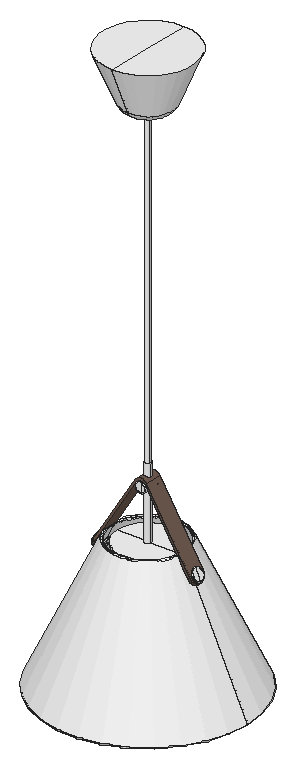
Revit family "Lighting_Pendants_Nordlux_Strap_27", category Lighting Fixtures, host Ceiling, Revit 2017
Family settings
  Host = Ceiling
  Round Connector Dimension = Use Diameter
  Part Type = Normal
  OmniClass Number = 23.80.70.11
  OmniClass Title = Luminaries for Internal Lighting
  Always vertical = Yes
  Cut with Voids When Loaded = No
  Light Source = Yes
  Shared = No
  Room Calculation Point = No
Parameters (values of type "Strap 27 - white with brown straps")
  Wattage = 6.7321 W
  WarrantyStartDate [instance] = "n/a"
  WarrantyGuarantorParts = "n/a"
  WarrantyGuarantorLabor = "n/a"
  WarrantyDurationUnit = "Hours"
  WarrantyDurationParts = "n/a"
  WarrantyDurationLabor = "n/a"
  WarrantyDescription = "n/a"
  built-in parameter 1150110 = 1 (stored number, unit not read)
  VersionDate = "09/08/2019"  # constant formula
  Version = "1"  # constant formula
  UsageCurrent = 0 A
  Uniclass2015Reference = "Pr_70_70_48_62"
  Uniclass2015Description = "Pendant  luminaires"
  Uniclass2 = "Pr_70_70_49_86"
  URL = "https://www.nordlux.com/products/product/84333001"
  TotalWattage = 40 W
  built-in parameter 1114217 = 1 (stored number, unit not read)
  Tilt Angle = 90.00°
  built-in parameter 1150109 = 1 (stored number, unit not read)
  built-in parameter 1150134 = (empty or 0)
  TagNumber [instance] = "n/a"
  SustainabilityPerformance = "n/a"
  built-in parameter 1150113 = 1 (stored number, unit not read)
  Socket = "E27"
  Size = "Shade: 270x270x270 mm / Canopy: 120x120x73 mm"
  Shape = "Sculptured"
  SerialNumber [instance] = "n/a"
  Revision = "n/a"
  ReplacementCost = "n/a"
  ProductInformation = "n/a"
  Product data url = "https://www.bimobject.com/nordlux/product/strap_27_pendant"
  Photometric Web File = "8433 Strap 27 Pendel Sort.ies"
  PhaseReference = "n/a"
  PhaseAngle = 0.00°
  NumberOfSources = 0
  NumberOfPoles = 1
  NominalWidth = NominalDiameter  # 270 mm
  NominalVoltageCalc = 0 V
  NominalVoltage = 230 V
  NominalRadius = NominalDiameter / 2  # 135 mm
  NominalLength = NominalDiameter  # 270 mm
  NominalHeight [instance] = CableLengthControl + 271.3 mm  # 771.3 mm
  NominalFrequencyRange = 50 Hz
  NominalDiameter = 270 mm
  NominalCurrent = 0 A
  Name = "Strap_27"  # constant formula
  NBSReference = "90-60-50/405"
  NBSDescription = "General purpose luminaires"
  ModelReference = ArticleNumber  # "84333001"
  ModelNumber = "n/a"
  Model = "Strap 27 - white with brown straps"
  Material = "Metal, leather & textile"
  ManufacturersSpecificInformation = "n/a"
  ManufacturerURL = "https://www.nordlux.com/"
  ManufacturerName = "Nordlux"
  Manufacturer = ManufacturerName  # "Nordlux"
  MaintenanceFactor = 0
  Lumens = 1000 lm
  built-in parameter 1150115 = 1 (stored number, unit not read)
  built-in parameter 1150105 = 360.88 (stored number, unit not read)
  LightSource = "Not included"
  LightFixtureTertiaryMaterial = Brown leather
  LightFixtureSecondaryMaterial = White cable
  LightFixtureQuinaryMaterial = White
  LightFixtureQuaternaryMaterial = Chrome
  LightFixturePlacingType = "Ceilling"
  LightFixtureMountingType = "Suspended"
  LightFixtureMainMaterial = White
  built-in parameter 1150137 = (empty or 0)
  built-in parameter 1150139 = (empty or 0)
  LensMaterial = Glass
  built-in parameter 1150112 = 1 (stored number, unit not read)
  built-in parameter 1150114 = 1 (stored number, unit not read)
  InsulationStandardClass = "Class 2 (Double isolated)"
  InstallationDate [instance] = "n/a"
  built-in parameter 1150132 = 2
  built-in parameter 1150102 = (empty or 0)
  built-in parameter 1150138 = (empty or 0)
  built-in parameter 1150107 = 3000 (stored number, unit not read)
  built-in parameter 1150106 = 3.6088 (stored number, unit not read)
  IfcExportType = "NOTDEFINED"  # constant formula
  IfcExportAs = "IfcLightFixtureType"  # constant formula
  IP_Code = "IP20"
  HasProtectiveEarth = no
  Grade = "n/a"
  Finish = "Primary material metal, secondary material leather, textile cable."
  Features = "Textile cable 300cm. Cable can not be replaced."
  ExpectedLife = "n/a"
  EnergyClass = "A++ -D"
  Emit from Circle Diameter = 60 mm
  Emit Shape Visible in Rendering = no
  ElectricalDeviceNominalPower = 0
  built-in parameter 1150104 = 13.8 (stored number, unit not read)
  EANNumber = "5701581337787"
  DurationUnit = "Hours"
  Dimming Lamp Color Temperature Shift = <None>
  Designer = "BJORN + BALLE"
  Description = "Metal and leather go well with the light Nordic style. The combination of these materials also allows the light to visually interact with a modern interior, where combining materials is one of the biggest current trends. With STRAP it seems obvious – just as obvious as how a Nordic light design is named after a leather strap. The narrow and elegant leather gives STRAP both a warm and raw look, which balances between the classic and the industrial. It comes with two leather straps in brown and black respectively, so it's up to you to give the STRAP the final look."
  DefaultElevation = 0 mm
  ConvergoRefNr = "0143-1909-0013-DK"
  Constituents = "n/a"
  Color Filter = 16777215
  Color = "White"
  Collection = "Strap"
  CodePerformance = "n/a"
  Category = "Indoor lighting"
  CableLengthControl [instance] = if(CableLength < 250 mm, 250 mm, if(CableLength > 3000 mm, 3000 mm, CableLength))  # 500 mm
  CableLength [instance] = 500 mm
  Brand = ManufacturerName  # "Nordlux"
  Barcode [instance] = "n/a"
  built-in parameter 1114218 = 1 (stored number, unit not read)
  BIMObjectName = "Lighting_Pendants_Nordlux_Strap_27"  # constant formula
  Author = "Convergo AB"  # constant formula
  built-in parameter 1150133 = 10 (stored number, unit not read)
  AssetType = "Fixed"
  AssetIdentifier [instance] = "n/a"
  ArticleNumber = "84333001"
  AccessibilityPerformance = "n/a"
Types (8, lengths in mm): name | URL | Photometric Web File | ModelReference | Model | Material | LightFixtureTertiaryMaterial | LightFixtureSecondaryMaterial | LightFixtureQuinaryMaterial | LightFixtureMainMaterial | Finish | EANNumber | Color | ArticleNumber
  Strap 27 - black with black straps | "https://www.nordlux.com/products/product/84333003" | "8433 Strap 27 Pendel Sort.ies" | "84333003" | "Strap 27 - black with black straps" | "Metal, leather & textile" | Black leather | Black cable | Black | Black | "Primary material metal, secondary material leather, textile cable." | "5701581337886" | "Black" | "84333003"
  Strap 27 - white with black straps | "https://www.nordlux.com/products/product/84333001" | "8433 Strap 27 Pendel Sort.ies" | "84333001" | "Strap 27 - white with black straps" | "Metal, leather & textile" | Black leather | White cable | White | White | "Primary material metal, secondary material leather, textile cable." | "5701581337787" | "White" | "84333001"
  Strap 27 - brushed steel with black straps | "https://www.nordlux.com/products/product/84333032" | "8433 Strap 27 Pendel Sort.ies" | "84333032" | "Strap 27 - brushed steel with black straps" | "Metal, leather & textile" | Black leather | Black cable | Brushed steel | Brushed steel | "Primary material metal, secondary material leather, textile cable." | "5701581338081" | "Brushed steel" | "84333032"
  Strap 27 - opal white with black straps | "https://www.nordlux.com/products/product/84313001" | "8431 Strap 27 Pendel Opal.ies" | "84313001" | "Strap 27 - opal white with black straps" | "Glass, metal, leather & textile" | Black leather | White cable | White | Opal white | "Primary material glass, secondary material leather, textile cable." | "5701581337688" | "Opal white" | "84313001"
  Strap 27 - black with brown straps | "https://www.nordlux.com/products/product/84333003" | "8433 Strap 27 Pendel Sort.ies" | "84333003" | "Strap 27 - black with brown straps" | "Metal, leather & textile" | Brown leather | Black cable | Black | Black | "Primary material metal, secondary material leather, textile cable." | "5701581337886" | "Black" | "84333003"
  Strap 27 - brushed steel with brown straps | "https://www.nordlux.com/products/product/84333032" | "8433 Strap 27 Pendel Sort.ies" | "84333032" | "Strap 27 - brushed steel with brown straps" | "Metal, leather & textile" | Brown leather | Black cable | Brushed steel | Brushed steel | "Primary material metal, secondary material leather, textile cable." | "5701581338081" | "Brushed steel" | "84333032"
  Strap 27 - opal white with brown straps | "https://www.nordlux.com/products/product/84313001" | "8431 Strap 27 Pendel Opal.ies" | "84313001" | "Strap 27 - opal white with brown straps" | "Glass, metal, leather & textile" | Brown leather | White cable | White | Opal white | "Primary material glass, secondary material leather, textile cable." | "5701581337688" | "Opal white" | "84313001"
  Strap 27 - white with brown straps | "https://www.nordlux.com/products/product/84333001" | "8433 Strap 27 Pendel Sort.ies" | "84333001" | "Strap 27 - white with brown straps" | "Metal, leather & textile" | Brown leather | White cable | White | White | "Primary material metal, secondary material leather, textile cable." | "5701581337787" | "White" | "84333001"
Reference planes
  plane 1 "Light Source Axis (F/B)": y = 0
  plane 2: z = 0
  plane 3 "Light Source Axis (L/R)": x = 0
  plane 4 "Ceiling": z = 4000
  plane 5 "Light Source Elevation": z = 3310.848
  plane 6: z = 3500
  plane 7: x = -135
  plane 8: y = 135
  plane 9: x = 135
  plane 10: y = -135
  plane 11: z = 3500
  plane 12: z = 3228.7
Forms (mm)
  Extrusion 1, solid, material "White" <- "LightFixtureQuinaryMaterial", detail levels coarse
    sketch origin (0, 6000, 3228.7) x (0, 1, 0) y (1, 0, 0)
      loop
        line (-5865, -135) -> (-5865, 135) -> (-6135, 135) -> (-6135, -135) -> (-5865, -135)
    from 0 to -771.3
Lines and regions (mm)
  symbolic lines
    curve 1: line (3, 0, 4000) -> (-3, 0, 4000)
  symbolic lines, detail levels medium+fine
    curve 2: line (3, 0, 3927) -> (3, 0, 3500)
    curve 3: line (-3, 0, 3927) -> (-3, 0, 3500)
    curve 4: line (0, 3, 3927) -> (0, 3, 3500)
    curve 5: line (0, -3, 3927) -> (0, -3, 3500)
Dimensions and locks
  equal spacing: host sketch curve, plane 3 "Light Source Axis (L/R)", host sketch curve
  equal spacing: host sketch curve, plane 1 "Light Source Axis (F/B)", host sketch curve
  host sketch curve to host sketch curve = 4000 mm  (x2)
  locked: plane 4 "Ceiling" to host ceiling at 0
  equal spacing: plane 10, plane 1 "Light Source Axis (F/B)", plane 8
  "NominalDiameter": plane 8 to plane 10
  equal spacing: plane 7, plane 3 "Light Source Axis (L/R)", plane 9
  "NominalDiameter": plane 7 to plane 9
  "CableLengthControl": plane 11 to plane 4 "Ceiling"
  locked: plane 12 to plane 5 "Light Source Elevation" at 82.148
  "NominalHeight": plane 12 to plane 4 "Ceiling"
  aligned and locked: plane 3 "Light Source Axis (L/R)" to imposter light
  aligned and locked: plane 1 "Light Source Axis (F/B)" to imposter light
  aligned and locked: plane 5 "Light Source Elevation" to imposter light
  aligned and locked: plane 4 "Ceiling" to curve 1  (x2)
  aligned and locked: plane 8 to Extrusion 1 sketch curve
  aligned and locked: plane 7 to Extrusion 1 sketch curve
  aligned and locked: plane 10 to Extrusion 1 sketch curve
  aligned and locked: plane 9 to Extrusion 1 sketch curve
  aligned and locked: Extrusion 1 to plane 4 "Ceiling"
  aligned and locked: curve 2 to nested 2
  aligned and locked: curve 3 to nested 2
  aligned and locked: plane 11 to curve 2
  aligned and locked: plane 11 to curve 3
  aligned and locked: curve 4 to nested 2
  aligned and locked: curve 5 to nested 2
  aligned and locked: plane 11 to curve 5
  aligned and locked: plane 11 to curve 4
  aligned and locked: nested 2 to plane 4 "Ceiling"
  aligned and locked: plane 3 "Light Source Axis (L/R)" to nested 1
  aligned and locked: nested 1 to plane 12
Automatic sketch dimensions
  plane 1 "Light Source Axis (F/B)" to curve 5 = 3 mm
  curve 4 to plane 1 "Light Source Axis (F/B)" = 3 mm
  curve 1 to plane 3 "Light Source Axis (L/R)" = 3 mm
  curve 3 to plane 3 "Light Source Axis (L/R)" = 3 mm
  plane 3 "Light Source Axis (L/R)" to curve 2 = 3 mm
  plane 3 "Light Source Axis (L/R)" to curve 1 = 3 mm
Nested families
  nested 1: "Strap_27" at (0, 0, 3228.7), Metal <- "LightFixtureQuinaryMaterial", Glass <- "LensMaterial", Nuts <- "LightFixtureQuaternaryMaterial", Strap <- "LightFixtureTertiaryMaterial", LampMaterial <- "LightFixtureMainMaterial", type "Strap_27"
    with Strap Brown leather, Nuts Chrome, Metal White, LampMaterial White, Glass Glass
  nested 2: "CeillingCap" at (0, 0, 4000) x (1, 0, 0) z (0, 0, -1), Cable <- "LightFixtureSecondaryMaterial", Metal <- "LightFixtureQuinaryMaterial", CableLength <- "CableLengthControl", type "CeillingCap"
    with Metal White, CableLength 500 mm, Cable White cable
Connectors
  electrical at (0, 0, 4000), driven by "NumberOfPoles", driven by "NominalVoltage"
    settings: on nested 2, index 1, voltage 230 V, apparent load 0 VA, apparent load phase1 0 VA, apparent load phase2 0 VA, apparent load phase3 0 VA, power factor 1, load classification "Other", number of poles 1, system type 31, power factor state 1, is connector primary yes, connector utility no, sub classification motor no, connector description ""
Definition of nested family "Strap_27"
  Parameters (values of type "Strap_27")
    Strap [instance] = none
    Nuts [instance] = none
    Metal [instance] = none
    LampMaterial [instance] = none
    Glass [instance] = none
  Reference planes
    plane 1 "Center (Front/Back)": y = 0
    plane 2: z = 0
    plane 3 "Center (Left/Right)": x = 0
    plane 4: z = 171.293
    plane 5: z = 82.148
  Forms (mm)
    Revolve 1, solid, material <- "Metal", detail levels medium+fine
      sketch origin (0, 0, 0) x (1, 0, 0) y (0, 0, 1)
        loop
          line (-40.635, 172.336) -> (-12.087, 172.336) -> (-12.087, 164.366) -> (-10.056, 164.366) -> (-10.056, 163.351)
          arc (-10.056, 163.351) -> (-16.687, 156.595) -> (-19.109, 147.444) r 18.501
          line (-19.109, 147.444) -> (-19.109, 105.624) -> (-13.71, 105.624) -> (-13.71, 135.199) -> (0, 135.199) -> (0, 271.33) -> (-4.01, 271.33) -> (-4.01, 175.336) -> (-40.635, 175.336) -> (-40.635, 172.336)
        axis (0, 105.624) -> (0, 271.33)
      angle from 0 to 360
    Extrusion 2, solid, material <- "Strap", detail levels medium+fine
      sketch origin (0, 0, 0) x (1, 0, 0) y (0, 0, 1)
        loop
          arc (-5.782, 249.768) -> (0, 252.821) -> (5.782, 249.768) r 7
          arc (5.782, 249.768) -> (38.27, 199.454) -> (68.145, 147.545) r 1171.252
          line (68.145, 147.545) -> (70.782, 148.974)
          arc (70.782, 148.974) -> (40.447, 201.645) -> (7.427, 252.677) r 1174.252
          arc (7.427, 252.677) -> (0, 256.593) -> (-7.427, 252.677) r 9
          arc (-7.427, 252.677) -> (-40.447, 201.645) -> (-70.782, 148.974) r 1174.252
          line (-70.782, 148.974) -> (-68.145, 147.545)
          arc (-68.145, 147.545) -> (-38.27, 199.454) -> (-5.782, 249.768) r 1171.252
      from -11 to 11
    Sweep 3, void
      path in 3D
        loop
          line (67.266, -11, 147.068) -> (71.662, -11, 149.45)
      profile origin (69.464, -11, 148.259) x (-0.476483, 0, 0.879184) y (0, -1, 0)
        loop
          line (-1, 0) -> (-1, -22) -> (11, -22)
          arc (11, -22) -> (0, -11) -> (11, 0) r 11
          line (11, 0) -> (-1, 0)
    Sweep 4, void
      path in 3D
        loop
          line (-71.662, -11, 149.45) -> (-67.266, -11, 147.068)
      profile origin (-69.464, -11, 148.259) x (0.476483, 0, 0.879184) y (0, -1, 0)
        loop
          line (-1, 0) -> (-1, -22) -> (11, -22)
          arc (11, -22) -> (0, -11) -> (11, 0) r 11
          line (11, 0) -> (-1, 0)
    Revolve 5, solid, material <- "Nuts", detail levels medium+fine
      sketch origin (0, 0, 0) x (1, 0, 0) y (0, 0, 1)
        loop
          line (-68.227, 159.08) -> (-55.486, 152.122) -> (-54.527, 153.877) -> (-55.885, 154.618) -> (-53.236, 159.468)
          arc (-53.236, 159.468) -> (-53.195, 159.848) -> (-53.435, 160.146) r 0.5
          line (-53.435, 160.146) -> (-56.253, 161.685)
          arc (-56.253, 161.685) -> (-58.002, 159.219) -> (-59.509, 156.598) r 31.869
          line (-59.509, 156.598) -> (-64.635, 159.398) -> (-61.504, 165.13) -> (-63.698, 166.329)
          arc (-63.698, 166.329) -> (-64.078, 166.37) -> (-64.376, 166.13) r 0.5
          line (-64.376, 166.13) -> (-68.227, 159.08)
        axis (-68.227, 159.08) -> (-55.486, 152.122)
      angle from 0 to 360
    Revolve 6, solid, material <- "Metal", detail levels medium+fine
      sketch origin (0, 0, 100.495) x (0, 1, 0) y (0, 0, 1)
        loop
          line (12.5, 145.326) -> (12.5, 151.826)
          arc (12.5, 151.826) -> (12.354, 152.179) -> (12, 152.326) r 0.5
          line (12, 152.326) -> (-12, 152.326)
          arc (-12, 152.326) -> (-12.354, 152.179) -> (-12.5, 151.826) r 0.5
          line (-12.5, 151.826) -> (-12.5, 145.326) -> (12.5, 145.326)
        axis (-12.5, 145.326) -> (12.5, 145.326)
      angle from 0 to 360
    Revolve 7, solid, material <- "LampMaterial", detail levels medium+fine
      sketch origin (0, 0, 0) x (1, 0, 0) y (0, 0, 1)
        loop
          arc (-134.832, 1.37) -> (-134.819, 0.987) -> (-134.539, 0.726) r 0.5
          line (-134.539, 0.726) -> (-132.667, 0.023)
          arc (-132.667, 0.023) -> (-132.284, 0.036) -> (-132.023, 0.315) r 0.5
          arc (-132.023, 0.315) -> (-93.572, 90.883) -> (-47.637, 177.895) r 1168.252
          arc (-47.637, 177.895) -> (-47.585, 178.272) -> (-47.813, 178.576) r 0.5
          line (-47.813, 178.576) -> (-49.531, 179.6)
          arc (-49.531, 179.6) -> (-49.912, 179.655) -> (-50.219, 179.422) r 0.5
          arc (-50.219, 179.422) -> (-96.278, 92.179) -> (-134.832, 1.37) r 1171.252
        axis (0, 179.6) -> (0, 0.023)
      angle from 0 to 360
    Revolve 8, solid, material <- "Nuts", detail levels medium+fine
      sketch origin (0, 0, 0) x (-1, 0, 0) y (0, 0, -1)
        loop
          line (-68.227, -159.08) -> (-64.376, -166.13)
          arc (-64.376, -166.13) -> (-64.078, -166.37) -> (-63.698, -166.329) r 0.5
          line (-63.698, -166.329) -> (-61.504, -165.13) -> (-64.635, -159.398) -> (-59.509, -156.598)
          arc (-59.509, -156.598) -> (-58.002, -159.219) -> (-56.253, -161.685) r 31.869
          line (-56.253, -161.685) -> (-53.435, -160.146)
          arc (-53.435, -160.146) -> (-53.195, -159.848) -> (-53.236, -159.468) r 0.5
          line (-53.236, -159.468) -> (-55.885, -154.618) -> (-54.527, -153.877) -> (-55.486, -152.122) -> (-68.227, -159.08)
        axis (-68.227, -159.08) -> (-55.486, -152.122)
      angle from 0 to 360
    Revolve 9, solid, material <- "Glass", detail levels medium+fine
      sketch origin (0, 0, 51.356) x (0, 1, 0) y (0, 0, 1)
        loop
          line (0, 30.793) -> (25, 30.793) -> (25, 32.793) -> (22.5, 32.793) -> (22.5, 39.96)
          arc (22.5, 39.96) -> (19.463, 53.223) -> (10.957, 63.843) r 30.481
          line (10.957, 63.843) -> (10.957, 83.843) -> (0, 83.843) -> (0, 30.793)
        axis (0, 83.843) -> (0, 30.793)
      angle from 0 to 360
  Cuts and joins
    Sweep 3, Sweep 4 cuts Extrusion 2
    joined: Revolve 1, Revolve 6
    joined: Revolve 5, Revolve 8
  Lines and regions (mm)
    sketch lines
      curve 1: line (67.266, -11, 147.068) -> (71.662, -11, 149.45)
      curve 2: line (-71.662, -11, 149.45) -> (-67.266, -11, 147.068)
    symbolic lines, detail levels fine
      curve 3: arc (-50.074, 0, 179.67) -> (-59.236, 0, 163.679) -> (-68.145, 0, 147.545) r 1171.252
      curve 7: line (0, 0, 179.67) -> (-50.074, 0, 179.67)
      curve 8: arc (-50.074, 0, 179.67) -> (-28.548, 0, 215.111) -> (-5.782, 0, 249.768) r 1171.252
      curve 16: arc (-61.812, 0, 165.219) -> (-65.946, 0, 157.807) -> (-70.027, 0, 150.366) r 1174.252
      curve 18: arc (0, 0, 256.593) -> (-2.06, 0, 256.355) -> (-4.01, 0, 255.651) r 9
      curve 20: line (0, 0, 271.33) -> (-3.01, 0, 271.33)
      curve 23: circle (0, 0, 245.821) r 7 normal (0, 1, 0)
      curve 24: line (-4.01, 0, 240.084) -> (-4.01, 0, 179.67)
      curve 26: arc (50.074, 0, 179.67) -> (59.236, 0, 163.679) -> (68.145, 0, 147.545) r 1171.252
      curve 29: line (0, 0, 179.67) -> (50.074, 0, 179.67)
      curve 30: arc (50.074, 0, 179.67) -> (28.548, 0, 215.111) -> (5.782, 0, 249.768) r 1171.252
      curve 38: arc (61.812, 0, 165.219) -> (65.946, 0, 157.807) -> (70.027, 0, 150.366) r 1174.252
      curve 40: arc (0, 0, 256.593) -> (2.06, 0, 256.355) -> (4.01, 0, 255.651) r 9
      curve 42: line (0, 0, 271.33) -> (3.01, 0, 271.33)
      curve 45: line (4.01, 0, 240.084) -> (4.01, 0, 179.67)
      curve 54: spline (0, 8.532, 157.642) -> (0, 8.459, 156.665) -> (0, 8.241, 155.704) -> (0, 7.883, 154.777) -> (0, 7.389, 153.898) -> (0, 6.769, 153.084) -> (0, 6.033, 152.348) -> (0, 5.194, 151.702) -> (0, 4.266, 151.158) -> (0, 3.265, 150.724) -> (0, 2.208, 150.41) -> (0, 1.114, 150.218) -> (0, 0, 150.154)
      curve 55: spline (0, 8.532, 158.966) -> (0, 8.459, 159.943) -> (0, 8.241, 160.904) -> (0, 7.883, 161.831) -> (0, 7.389, 162.71) -> (0, 6.769, 163.524) -> (0, 6.033, 164.261) -> (0, 5.194, 164.906) -> (0, 4.266, 165.451) -> (0, 3.265, 165.884) -> (0, 2.208, 166.199) -> (0, 1.114, 166.39) -> (0, 0, 166.454)
      curve 56: line (0, 8.532, 158.966) -> (0, 8.532, 157.642)
      curve 57: line (0, 9, 155.441) -> (0, 9, 179.67)
      curve 58: spline (0, 0, 147.545) -> (0, 1.175, 147.612) -> (0, 2.329, 147.814) -> (0, 3.444, 148.146) -> (0, 4.5, 148.602) -> (0, 5.479, 149.176) -> (0, 6.364, 149.857) -> (0, 7.14, 150.634) -> (0, 7.794, 151.493) -> (0, 8.315, 152.419) -> (0, 8.693, 153.397) -> (0, 8.923, 154.41) -> (0, 9, 155.441)
      curve 59: spline (0, 0, 148.974) -> (0, 1.175, 149.042) -> (0, 2.329, 149.243) -> (0, 3.444, 149.575) -> (0, 4.5, 150.032) -> (0, 5.479, 150.606) -> (0, 6.364, 151.287) -> (0, 7.14, 152.063) -> (0, 7.794, 152.922) -> (0, 8.315, 153.848) -> (0, 8.693, 154.826) -> (0, 8.923, 155.84) -> (0, 9, 156.87)
      curve 66: line (0, 9, 238.82) -> (0, 9, 252.828)
      curve 70: line (0, 3, 271.33) -> (0, 0, 271.33)
      curve 71: arc (0, 4, 256.593) -> (0, 2.071, 255.794) -> (0, 0, 255.522) r 8
      curve 78: spline (0, -8.532, 157.642) -> (0, -8.459, 156.665) -> (0, -8.241, 155.704) -> (0, -7.883, 154.777) -> (0, -7.389, 153.898) -> (0, -6.769, 153.084) -> (0, -6.033, 152.348) -> (0, -5.194, 151.702) -> (0, -4.266, 151.158) -> (0, -3.265, 150.724) -> (0, -2.208, 150.41) -> (0, -1.114, 150.218) -> (0, 0, 150.154)
      curve 79: spline (0, -8.532, 158.966) -> (0, -8.459, 159.943) -> (0, -8.241, 160.904) -> (0, -7.883, 161.831) -> (0, -7.389, 162.71) -> (0, -6.769, 163.524) -> (0, -6.033, 164.261) -> (0, -5.194, 164.906) -> (0, -4.266, 165.451) -> (0, -3.265, 165.884) -> (0, -2.208, 166.199) -> (0, -1.114, 166.39) -> (0, 0, 166.454)
      curve 80: line (0, -8.532, 158.966) -> (0, -8.532, 157.642)
      curve 81: line (0, -9, 155.441) -> (0, -9, 179.67)
      curve 82: spline (0, 0, 147.545) -> (0, -1.175, 147.612) -> (0, -2.329, 147.814) -> (0, -3.444, 148.146) -> (0, -4.5, 148.602) -> (0, -5.479, 149.176) -> (0, -6.364, 149.857) -> (0, -7.14, 150.634) -> (0, -7.794, 151.493) -> (0, -8.315, 152.419) -> (0, -8.693, 153.397) -> (0, -8.923, 154.41) -> (0, -9, 155.441)
      curve 83: spline (0, 0, 148.974) -> (0, -1.175, 149.042) -> (0, -2.329, 149.243) -> (0, -3.444, 149.575) -> (0, -4.5, 150.032) -> (0, -5.479, 150.606) -> (0, -6.364, 151.287) -> (0, -7.14, 152.063) -> (0, -7.794, 152.922) -> (0, -8.315, 153.848) -> (0, -8.693, 154.826) -> (0, -8.923, 155.84) -> (0, -9, 156.87)
      curve 90: line (0, -9, 238.82) -> (0, -9, 252.828)
      curve 94: line (0, -3, 271.33) -> (0, 0, 271.33)
      curve 95: arc (0, -4, 256.593) -> (0, -2.071, 255.794) -> (0, 0, 255.522) r 8
      curve 99: circle (0, 0, 0) r 132 normal (0, 0, 1)
      curve 100: circle (0, 0, 0) r 48 normal (0, 0, 1)
      curve 101: circle (0, 0, 0) r 40.635 normal (0, 0, 1)
      curve 102: line (-46.723, 11, 0) -> (-39.118, 11, 0)
      curve 103: line (-46.723, -11, 0) -> (-39.118, -11, 0)
      curve 104: line (39.118, -11, 0) -> (46.723, -11, 0)
      curve 105: line (39.118, 11, 0) -> (46.723, 11, 0)
    symbolic lines, detail levels medium+fine
      curve 4: line (-134.58, 0, 0.741) -> (-132.605, 0, 0)
      curve 5: line (0, 0, 0) -> (-132.605, 0, 0)
      curve 6: arc (-134.847, 0, 1.329) -> (-134.835, 0, 0.979) -> (-134.58, 0, 0.741) r 0.456
      curve 9: arc (-7.427, 0, 252.677) -> (-35.579, 0, 209.544) -> (-61.812, 0, 165.219) r 1174.252
      curve 10: line (-70.782, 0, 148.974) -> (-68.145, 0, 147.545)
      curve 11: line (-70.027, 0, 150.366) -> (-71.863, 0, 151.364)
      curve 12: line (-61.812, 0, 165.219) -> (-63.734, 0, 166.3)
      curve 13: line (-72.064, 0, 152.042) -> (-64.419, 0, 166.103)
      curve 14: arc (-63.734, 0, 166.3) -> (-64.118, 0, 166.345) -> (-64.419, 0, 166.103) r 0.5
      curve 15: arc (-72.064, 0, 152.042) -> (-72.104, 0, 151.662) -> (-71.863, 0, 151.364) r 0.5
      curve 17: arc (-70.027, 0, 150.366) -> (-70.405, 0, 149.67) -> (-70.782, 0, 148.974) r 1174.252
      curve 19: line (-4.01, 0, 271.33) -> (-3.01, 0, 271.33)
      curve 21: line (-4.01, 0, 271.33) -> (-4.01, 0, 255.651)
      curve 22: arc (-4.01, 0, 255.651) -> (-5.909, 0, 254.382) -> (-7.427, 0, 252.677) r 9
      curve 25: arc (-68.145, 0, 147.545) -> (-104.007, 0, 75.582) -> (-134.847, 0, 1.329) r 1171.252
      curve 27: line (134.539, 0, 0.726) -> (132.605, 0, 0)
      curve 28: line (0, 0, 0) -> (132.605, 0, 0)
      curve 31: arc (7.427, 0, 252.677) -> (35.579, 0, 209.544) -> (61.812, 0, 165.219) r 1174.252
      curve 32: line (70.782, 0, 148.974) -> (68.145, 0, 147.545)
      curve 33: line (70.027, 0, 150.366) -> (71.863, 0, 151.364)
      curve 34: line (61.812, 0, 165.219) -> (63.734, 0, 166.3)
      curve 35: line (72.064, 0, 152.042) -> (64.419, 0, 166.103)
      curve 36: arc (63.734, 0, 166.3) -> (64.118, 0, 166.345) -> (64.419, 0, 166.103) r 0.5
      curve 37: arc (72.064, 0, 152.042) -> (72.104, 0, 151.662) -> (71.863, 0, 151.364) r 0.5
      curve 39: arc (70.027, 0, 150.366) -> (70.405, 0, 149.67) -> (70.782, 0, 148.974) r 1174.252
      curve 41: line (4.01, 0, 271.33) -> (3.01, 0, 271.33)
      curve 43: line (4.01, 0, 271.33) -> (4.01, 0, 255.651)
      curve 44: arc (4.01, 0, 255.651) -> (5.909, 0, 254.382) -> (7.427, 0, 252.677) r 9
      curve 46: arc (68.145, 0, 147.545) -> (103.998, 0, 75.602) -> (134.832, 0, 1.37) r 1171.252
      curve 47: arc (134.832, 0, 1.37) -> (134.819, 0, 0.987) -> (134.539, 0, 0.726) r 0.5
      curve 48: arc (0, 134.832, 1.37) -> (0, 96.278, 92.179) -> (0, 50.219, 179.422) r 1171.252
      curve 49: arc (0, 50.219, 179.422) -> (0, 50.036, 179.604) -> (0, 49.787, 179.67) r 0.5
      curve 50: line (0, 49.787, 179.67) -> (0, 9, 179.67)
      curve 51: line (0, 132.605, 0) -> (0, 134.539, 0.726)
      curve 52: arc (0, 134.832, 1.37) -> (0, 134.819, 0.987) -> (0, 134.539, 0.726) r 0.5
      curve 53: line (0, 132.605, 0) -> (0, 0, 0)
      curve 60: line (0, 9, 238.82) -> (0, 12.006, 238.82)
      curve 61: line (0, 12.006, 252.828) -> (0, 9, 252.828)
      curve 62: line (0, 12.506, 252.328) -> (0, 12.506, 239.32)
      curve 63: arc (0, 12.006, 252.828) -> (0, 12.36, 252.681) -> (0, 12.506, 252.328) r 0.5
      curve 64: arc (0, 12.506, 239.32) -> (0, 12.36, 238.966) -> (0, 12.006, 238.82) r 0.5
      curve 65: line (0, 9, 252.828) -> (0, 9, 256.593)
      curve 67: line (0, 9, 256.593) -> (0, 4, 256.593)
      curve 68: line (0, 4, 256.593) -> (0, 4, 271.33)
      curve 69: line (0, 4, 271.33) -> (0, 3, 271.33)
      curve 72: line (0, 9, 179.67) -> (0, 9, 238.82)
      curve 73: arc (0, -134.832, 1.37) -> (0, -96.278, 92.179) -> (0, -50.219, 179.422) r 1171.252
      curve 74: line (0, -49.787, 179.67) -> (0, -9, 179.67)
      curve 75: line (0, -132.605, 0) -> (0, -134.539, 0.726)
      curve 76: arc (0, -134.832, 1.37) -> (0, -134.819, 0.987) -> (0, -134.539, 0.726) r 0.5
      curve 77: line (0, -132.605, 0) -> (0, 0, 0)
      curve 84: line (0, -9, 238.82) -> (0, -12.006, 238.82)
      curve 85: line (0, -12.006, 252.828) -> (0, -9, 252.828)
      curve 86: line (0, -12.506, 252.328) -> (0, -12.506, 239.32)
      curve 87: arc (0, -12.006, 252.828) -> (0, -12.36, 252.681) -> (0, -12.506, 252.328) r 0.5
      curve 88: arc (0, -12.506, 239.32) -> (0, -12.36, 238.966) -> (0, -12.006, 238.82) r 0.5
      curve 89: line (0, -9, 252.828) -> (0, -9, 256.593)
      curve 91: line (0, -9, 256.593) -> (0, -4, 256.593)
      curve 92: line (0, -4, 256.593) -> (0, -4, 271.33)
      curve 93: line (0, -4, 271.33) -> (0, -3, 271.33)
      curve 96: line (0, -9, 179.67) -> (0, -9, 238.82)
      curve 97: arc (0, -50.219, 179.422) -> (0, -50.036, 179.604) -> (0, -49.787, 179.67) r 0.5
      curve 98: circle (0, 0, 0) r 135 normal (0, 0, 1)
  Dimensions and locks
    aligned and locked: level to plane 2
Definition of nested family "CeillingCap"
  Parameters (values of type "CeillingCap")
    Metal [instance] = none
    Default Elevation = 1219.2 mm
    CableLength [instance] = 250 mm
    Cable [instance] = none
  Reference planes
    plane 1 "Center (Front/Back)": y = 0
    plane 2: z = 0
    plane 3 "Center (Left/Right)": x = 0
  Forms (mm)
    Revolve 1, solid, material <- "Metal", detail levels medium+fine
      sketch origin (0, 0, 0) x (0, 1, 0) y (0, 0, 1)
        loop
          line (0, 0) -> (60, 0) -> (33.516, 63.754)
          arc (33.516, 63.754) -> (20.044, 72.995) -> (6.121, 64.449) r 15
          line (6.121, 64.449) -> (0, 64.449) -> (0, 0)
        axis (0, 64.449) -> (0, 0)
      angle from 0 to 360
    Extrusion 2, solid, material <- "Cable", detail levels medium+fine
      sketch origin (0, 0, 0) x (1, 0, 0) y (0, 1, 0)
        loop
          circle (0, 0) r 3
      from 10 to 250 <- "CableLength"
  Lines and regions (mm)
    symbolic lines, detail levels medium+fine
      curve 1: line (0, 0, 0) -> (-60, 0, 0)
      curve 2: line (-33.516, 0, 63.754) -> (-60, 0, 0)
      curve 3: arc (-19.664, 0, 73) -> (-27.991, 0, 70.476) -> (-33.516, 0, 63.754) r 15
      curve 4: line (-3, 0, 73) -> (-19.664, 0, 73)
      curve 6: line (0, 0, 0) -> (60, 0, 0)
      curve 7: line (33.516, 0, 63.754) -> (60, 0, 0)
      curve 8: arc (19.664, 0, 73) -> (27.991, 0, 70.476) -> (33.516, 0, 63.754) r 15
      curve 9: line (3, 0, 73) -> (19.664, 0, 73)
      curve 11: line (0, 60, 0) -> (0, 0, 0)
      curve 12: line (0, 60, 0) -> (0, 33.516, 63.754)
      curve 13: arc (0, 33.516, 63.754) -> (0, 27.991, 70.476) -> (0, 19.664, 73) r 15
      curve 14: line (0, 3, 73) -> (0, 19.664, 73)
      curve 16: line (0, -60, 0) -> (0, 0, 0)
      curve 17: line (0, -60, 0) -> (0, -33.516, 63.754)
      curve 18: arc (0, -33.516, 63.754) -> (0, -27.991, 70.476) -> (0, -19.664, 73) r 15
      curve 19: line (0, -3, 73) -> (0, -19.664, 73)
    symbolic lines, detail levels fine
      curve 5: line (0, 0, 73) -> (-3, 0, 73)
      curve 10: line (0, 0, 73) -> (3, 0, 73)
      curve 15: line (0, 0, 73) -> (0, 3, 73)
      curve 20: line (0, 0, 73) -> (0, -3, 73)
  Dimensions and locks
    aligned and locked: level to plane 2
